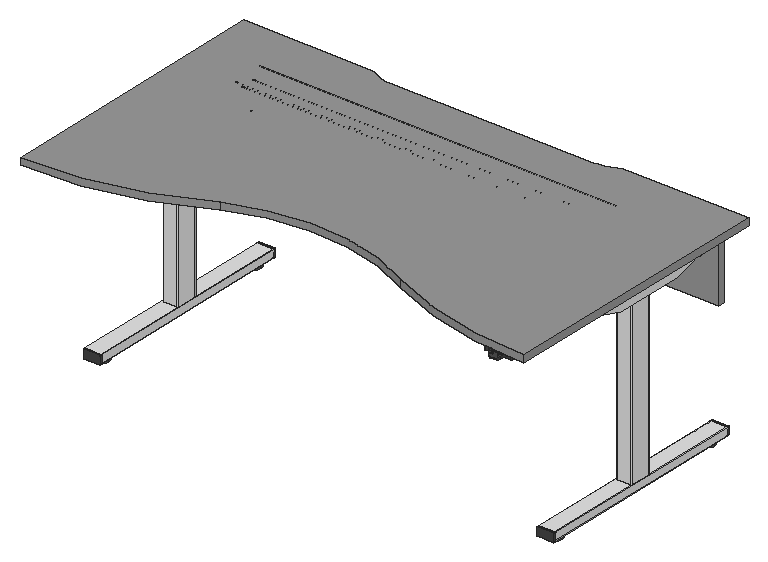
Revit family "Rise LT Double Wave Desk with Scallop Top", category Furniture, Revit 2016 (continued)
Definition of nested family "Cable Tray"
  Automatic sketch dimensions
    Sweep 8 sketch curve to profile plane = 0 mm  (x2)
    Sweep 9 sketch curve to profile plane = 0 mm  (x2)
    Sweep 10 sketch curve to profile plane = 0 mm  (x2)
    Sweep 11 sketch curve to profile plane = 0 mm  (x2)
    Sweep 12 sketch curve to profile plane = 0 mm  (x2)
    Sweep 13 sketch curve to profile plane = 0 mm  (x2)
    Sweep 14 sketch curve to profile plane = 0 mm  (x2)
    Sweep 15 sketch curve to profile plane = 0 mm  (x2)
    Sweep 16 sketch curve to profile plane = 0 mm  (x2)
    Sweep 17 sketch curve to profile plane = 0 mm  (x2)
    Sweep 18 sketch curve to profile plane = 0 mm  (x2)
    Sweep 19 sketch curve to profile plane = 0 mm  (x2)
    Extrusion 1 sketch curve to plane 6 "Desktop Underside" = 61.5 mm  (x2)
    Extrusion 1 sketch curve to plane 7 = 167 mm
    Extrusion 1 sketch curve to Extrusion 1 sketch curve = 31 mm  (x2)
    Extrusion 1 sketch curve to Extrusion 1 sketch curve = 50 mm
    Extrusion 1 sketch curve to Extrusion 1 sketch curve = 30 mm  (x2)
    Extrusion 20 sketch curve to Extrusion 20 sketch curve = 0 mm  (x11)
    Extrusion 20 sketch curve to plane 6 "Desktop Underside" = 0 mm
    Extrusion 20 sketch curve to plane 6 "Desktop Underside" = 31.5 mm
    Extrusion 20 sketch curve to plane 7 = 171.565 mm
    Extrusion 20 sketch curve to Extrusion 20 sketch curve = 0.065 mm  (x2)
    Extrusion 20 sketch curve to Extrusion 20 sketch curve = 3 mm  (x4)
    Extrusion 20 sketch curve to Extrusion 20 sketch curve = 1.5 mm  (x4)
    Extrusion 20 sketch curve to Extrusion 20 sketch curve = 2.634 mm
    Extrusion 20 sketch curve to Extrusion 20 sketch curve = 0.049 mm  (x2)
    Extrusion 20 sketch curve to Extrusion 20 sketch curve = 39.801 mm
    Extrusion 20 sketch curve to Extrusion 20 sketch curve = 6 mm  (x2)
    Extrusion 20 sketch curve to Extrusion 20 sketch curve = 54.484 mm
    Extrusion 20 sketch curve to plane 6 "Desktop Underside" = 5 mm  (x2)
    Extrusion 20 sketch curve to Extrusion 20 sketch curve = 12 mm
    Extrusion 20 sketch curve to Extrusion 20 sketch curve = 36.451 mm
    Extrusion 20 sketch curve to Extrusion 20 sketch curve = 0.35 mm
    Extrusion 20 sketch curve to Extrusion 20 sketch curve = 0.016 mm
    Extrusion 20 sketch curve to plane 6 "Desktop Underside" = 56.074 mm
    Extrusion 20 sketch curve to Extrusion 20 sketch curve = 20.781 mm
    Extrusion 20 sketch curve to Extrusion 20 sketch curve = 5 mm  (x3)
    Extrusion 20 sketch curve to Extrusion 20 sketch curve = 5.426 mm
    Extrusion 20 sketch curve to Extrusion 20 sketch curve = 81.082 mm
    Extrusion 20 sketch curve to Extrusion 20 sketch curve = 3.312 mm
    Extrusion 20 sketch curve to Extrusion 20 sketch curve = 20.355 mm
    Extrusion 20 sketch curve to Extrusion 20 sketch curve = 2 mm  (x2)
    Extrusion 20 sketch curve to Extrusion 20 sketch curve = 0.293 mm  (x2)
    Extrusion 20 sketch curve to Extrusion 20 sketch curve = 3.101 mm
    Extrusion 20 sketch curve to plane 6 "Desktop Underside" = 8.101 mm
    Extrusion 20 sketch curve to Extrusion 20 sketch curve = 0.033 mm
    Extrusion 20 sketch curve to Extrusion 20 sketch curve = 1.263 mm
    Extrusion 21 sketch curve to Extrusion 21 sketch curve = 0 mm  (x11)
    Extrusion 21 sketch curve to plane 6 "Desktop Underside" = 0 mm
    Extrusion 21 sketch curve to plane 6 "Desktop Underside" = 31.5 mm
    Extrusion 21 sketch curve to plane 7 = 171.565 mm
    Extrusion 21 sketch curve to Extrusion 21 sketch curve = 0.065 mm  (x2)
    Extrusion 21 sketch curve to Extrusion 21 sketch curve = 3 mm  (x4)
    Extrusion 21 sketch curve to Extrusion 21 sketch curve = 1.5 mm  (x4)
    Extrusion 21 sketch curve to Extrusion 21 sketch curve = 2.634 mm
    Extrusion 21 sketch curve to Extrusion 21 sketch curve = 0.049 mm  (x2)
    Extrusion 21 sketch curve to Extrusion 21 sketch curve = 39.801 mm
    Extrusion 21 sketch curve to Extrusion 21 sketch curve = 6 mm  (x2)
    Extrusion 21 sketch curve to Extrusion 21 sketch curve = 54.484 mm
    Extrusion 21 sketch curve to plane 6 "Desktop Underside" = 5 mm  (x2)
    Extrusion 21 sketch curve to Extrusion 21 sketch curve = 12 mm
    Extrusion 21 sketch curve to Extrusion 21 sketch curve = 36.451 mm
    Extrusion 21 sketch curve to Extrusion 21 sketch curve = 0.35 mm
    Extrusion 21 sketch curve to Extrusion 21 sketch curve = 0.016 mm
    Extrusion 21 sketch curve to Extrusion 21 sketch curve = 3.101 mm  (x2)
    Extrusion 21 sketch curve to plane 6 "Desktop Underside" = 24.207 mm
    Extrusion 21 sketch curve to Extrusion 21 sketch curve = 7.293 mm
    Extrusion 21 sketch curve to Extrusion 21 sketch curve = 0.293 mm  (x2)
    Extrusion 21 sketch curve to Extrusion 21 sketch curve = 5 mm  (x3)
    Extrusion 21 sketch curve to Extrusion 21 sketch curve = 2 mm
    Extrusion 21 sketch curve to Extrusion 21 sketch curve = 20.355 mm
    Extrusion 21 sketch curve to Extrusion 21 sketch curve = 20.781 mm
    Extrusion 21 sketch curve to Extrusion 21 sketch curve = 5.426 mm
    Extrusion 21 sketch curve to Extrusion 21 sketch curve = 81.082 mm
    Extrusion 21 sketch curve to Extrusion 21 sketch curve = 3.312 mm
    Extrusion 21 sketch curve to Extrusion 21 sketch curve = 0.033 mm
    Extrusion 21 sketch curve to Extrusion 21 sketch curve = 1.263 mm
    radius of Sweep 2 sketch curve = 1.5 mm
    radius of Sweep 3 sketch curve = 1.5 mm
    radius of Sweep 4 sketch curve = 1.5 mm
    radius of Sweep 5 sketch curve = 1.5 mm
    radius of Sweep 6 sketch curve = 1.5 mm
    radius of Sweep 7 sketch curve = 1.5 mm
    radius of Sweep 8 sketch curve = 1.5 mm
    radius of Sweep 9 sketch curve = 1.5 mm
    radius of Sweep 10 sketch curve = 1.5 mm
    radius of Sweep 11 sketch curve = 1.5 mm
    radius of Sweep 12 sketch curve = 1.5 mm
    radius of Sweep 13 sketch curve = 1.5 mm
    radius of Sweep 14 sketch curve = 1.5 mm
    radius of Sweep 15 sketch curve = 1.5 mm
    radius of Sweep 16 sketch curve = 1.5 mm
    radius of Sweep 17 sketch curve = 1.5 mm
    radius of Sweep 18 sketch curve = 1.5 mm
    radius of Sweep 19 sketch curve = 1.5 mm
    radius of Extrusion 1 sketch curve = 1.5 mm  (x4)
Definition of nested family "Modesty Panel"
  Parameters (values of type "Modesty Panel")
    Width = 1800 mm
    URL = "www.gof.co.uk"
    Type Comments = ""
    Range = "RISE LT"
    Product Code = ""
    Modesty Panel Visible = yes
    Modesty Panel = none
    HeightControl [instance] = if(Height < 720 mm, 720 mm, (if(Height > 1200 mm, 1200 mm, Height)))  # 727 mm
    Height [instance] = 727 mm
    Desktop = none
    Model = ""
    Manufacturer = "Gresham Office Furniture"  # constant formula
    Frame = none
    Foot = none
    Assembly Code = "E2020200"
  Reference planes
    plane 1 "Center (Front/Back)": y = 0
    plane 2: z = 0
    plane 3 "Center (Left/Right)": x = 0
    plane 4: x = -900
    plane 5: x = 900
    plane 6 "Desktop Underside": z = 702
    plane 7: y = 400
    plane 8: y = -400
    plane 9 "Foot": z = 15
    plane 10: z = 727
    plane 11 "Modesty Panel": x = -593
    plane 12: x = 593
    plane 13: z = 425
    plane 14: z = 677
    plane 15: y = 375
    plane 16: x = 568
    plane 17: x = -568
    plane 18: x = -813
    plane 19: x = 813
  Forms (mm)
    Extrusion 1, solid, material <- "Frame", visible <- "Modesty Panel Visible"
      sketch origin (-593, 43.228, 0) x (0, 1, 0) y (0, 0, 1)
        loop
          line (161.772, 702) -> (161.772, 677) -> (306.772, 677) -> (306.772, 432) -> (331.772, 432) -> (331.772, 702) -> (161.772, 702)
      from 0 to 25
    Extrusion 2, solid, material <- "Frame", visible <- "Modesty Panel Visible"
      sketch origin (593, 43.228, 0) x (0, 1, 0) y (0, 0, -1)
        loop
          line (161.772, -702) -> (331.772, -702) -> (331.772, -432) -> (306.772, -432) -> (306.772, -677) -> (161.772, -677) -> (161.772, -702)
      from 0 to 25
    Extrusion 3, solid, material <- "Modesty Panel", visible <- "Modesty Panel Visible"
      sketch origin (0, 0, 0) x (0, 1, 0) y (0, 0, 1)
        loop
          line (375, 677) -> (375, 425) -> (400, 425) -> (400, 677) -> (375, 677)
      from -813 to 813
  Dimensions and locks
    equal spacing: plane 4, plane 3 "Center (Left/Right)", plane 5
    "Width": plane 4 to plane 5
    equal spacing: plane 7, plane 1 "Center (Front/Back)", plane 8
    locked: plane 7 to plane 8 at 800
    locked: plane 2 to plane 9 "Foot" at 15
    "HeightControl": plane 10 to level
    locked: plane 10 to plane 6 "Desktop Underside" at 25
    locked: Extrusion 1 sketch curve to Extrusion 1 sketch curve at 170
    locked: Extrusion 1 sketch curve to Extrusion 1 sketch curve at 25  (x2)
    locked: Extrusion 1 sketch curve to Extrusion 1 sketch curve at 270
    locked: Extrusion 1 to Extrusion 1 at 25
    locked: plane 7 to Extrusion 1 at 25
    locked: plane 11 "Modesty Panel" to plane 4 at 307
    locked: plane 12 to plane 5 at 307
    locked: Extrusion 2 sketch curve to Extrusion 2 sketch curve at 170
    locked: Extrusion 2 sketch curve to Extrusion 2 sketch curve at 25  (x2)
    locked: Extrusion 2 sketch curve to Extrusion 2 sketch curve at 270
    locked: Extrusion 2 to Extrusion 2 at 25
    locked: Extrusion 1 to plane 13 at 7
    locked: plane 6 "Desktop Underside" to plane 14 at 25
    locked: plane 7 to plane 15 at 25
    locked: plane 16 to plane 12 at 25
    locked: plane 17 to plane 11 "Modesty Panel" at 25
    locked: plane 13 to plane 14 at 252
    locked: plane 4 to plane 18 at 87
    locked: plane 19 to plane 5 at 87
    aligned and locked: level to plane 2
    aligned and locked: plane 6 "Desktop Underside" to Extrusion 1
    aligned and locked: Extrusion 1 to plane 11 "Modesty Panel"
    aligned and locked: Extrusion 2 to plane 12
    aligned and locked: Extrusion 3 to plane 14
    aligned and locked: Extrusion 3 to plane 13
    aligned and locked: Extrusion 3 to plane 18
    aligned and locked: Extrusion 3 to plane 19
  Automatic sketch dimensions
    Extrusion 1 sketch curve to plane 6 "Desktop Underside" = 0 mm
    Extrusion 1 sketch curve to plane 7 = 195 mm
    Extrusion 2 sketch curve to plane 6 "Desktop Underside" = 0 mm
    Extrusion 2 sketch curve to plane 7 = 195 mm
    Extrusion 3 sketch curve to plane 13 = 0 mm
    Extrusion 3 sketch curve to plane 15 = 0 mm
    Extrusion 3 sketch curve to plane 7 = 0 mm
    plane 14 to Extrusion 3 sketch curve = 0 mm
Types (9, lengths in mm): name | Width | Product Code | Modesty Panel Visible | Modesty Panel | Cable Tray Visible | Cable Tray
  (no name) | 1800 | "HDLWD18S" | yes | "BTCPW18" | yes | "MECT18"
  1600 x 800 | 1600 | "HDLWD16S" | no | "" | no | ""
  1800 x 800 | 1800 | "HDLWD18S" | no | "" | no | ""
  1800 x 800 with Modesty Panel & Cable Tray | 1800 | "HDLWD18S" | yes | "BTCPW18" | yes | "MECT18"
  1800 x 800 with Modesty Panel | 1800 | "HDLWD18S" | yes | "BTCPW18" | no | ""
  1800 x 800 with Cable Tray | 1800 | "HDLWD18S" | no | "" | yes | "MECT18"
  1600 x 800 with Modesty Panel | 1600 | "HDLWD16S" | yes | "BTCPW16" | no | ""
  1600 x 800 with Cable Tray | 1600 | "HDLWD16S" | no | "" | yes | "MECT16"
  1600 x 800 with Modesty Panel & Cable Tray | 1600 | "HDLWD16S" | yes | "BTCPW16" | yes | "MECT16"
